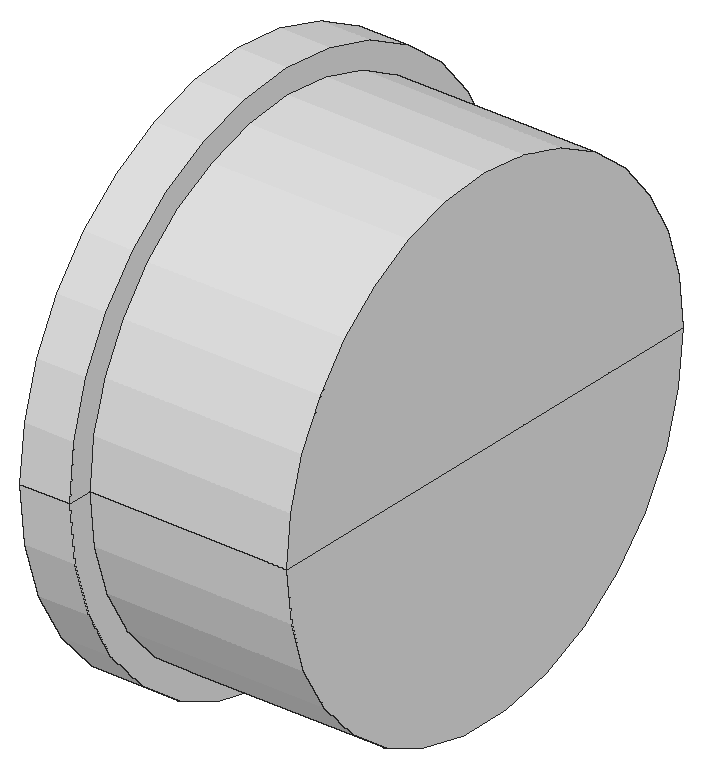
Revit family "EP-Система_Фитинг_НПВХ_Заглушка", category Соединительные детали трубопроводов, Revit 2019
Family settings
  Размер круглого соединителя = Использовать диаметр
  Тип детали = Заглушка
  На основе рабочей плоскости = Нет
  Всегда вертикально = Да
  При загрузке вырезать с полостями = Нет
  Общий = Нет
Parameters (values of type "EP-Система")
  Типовой = no
  Размер засечки [instance] = 22.5 mm
  Поиск в таблице имен 2 = "EP-Система_Фитинг_НПВХ_Заглушка"
  Поиск в таблице имен = "EP-Система_Фитинг_НПВХ_Заглушка"
  Description = ""
  Материал = 05 Пластик ПВХ Белый
  Assembly Code = ""
  Manufacturer = ""
  Диаметр Наружный [instance] = size_lookup(Поиск в таблице имен, "D1", ADSK_Диаметр условный * 1.1, ADSK_Диаметр условный)  # 55 mm
  URL = ""
  S [instance] = size_lookup(Поиск в таблице имен, "S", ADSK_Диаметр условный * 1.1, ADSK_Диаметр условный)  # 3 mm
  L [instance] = size_lookup(Поиск в таблице имен, "L1", ADSK_Диаметр условный / 2, ADSK_Диаметр условный)  # 20 mm
  ADSK_Наименование краткое = "Загл."  # constant formula
  ADSK_Наименование [instance] = size_lookup(Поиск в таблице имен, "ADSK_Наименование", "Решение не найдено", ADSK_Диаметр условный)  # "Заглушка, DN50"
  ADSK_Масса_Текст [instance] = ""
  ADSK_Масса [instance] = 0
  ADSK_Марка = ""
  ADSK_Код изделия [instance] = size_lookup(Поиск в таблице имен 2, "ADSK_Код изделия", "Решение не найдено", ADSK_Диаметр условный)  # "ЕР401405030"
  ADSK_Завод-изготовитель = "Agpipe"  # constant formula
  ADSK_Единица измерения = "шт."  # constant formula
  ADSK_Диаметр условный [instance] = 50 mm
Reference planes
  plane 1 "По центру (Вперед/Назад)": y = 0
  plane 2: z = 0
  plane 3 "По центру (Влево/Вправо)": x = 0
  plane 4: y = 25
  plane 5: y = -25
  plane 6: y = 27.5
  plane 7: y = -27.5
  plane 8: x = -20
  plane 9: x = -25
Forms (mm)
  Revolve 1, solid, material "05 Пластик ПВХ Белый" <- "Материал", detail levels fine
    sketch origin (-42, 0, 0) x (1, 0, 0) y (0, 1, 0)
      loop
        line (17, 27.5) -> (17, 0) -> (42, 0) -> (42, 25) -> (22, 25) -> (22, 27.5) -> (17, 27.5)
      axis (42, 0) -> (17, 0)
    angle from 0 to 360
Lines and regions (mm)
  model lines, detail levels coarse+medium
    curve 1: arc (-20, 25, 0) -> (5, 0, 0) -> (-20, -25, 0) r 25
    curve 2: line (-25, 25, 0) -> (-25, -25, 0)
    curve 3: line (-25, 0, 0) -> (0, 0, 0)
Dimensions and locks
  equal spacing: plane 4, plane 1 "По центру (Вперед/Назад)", plane 5
  "ADSK_Диаметр условный": plane 4 to plane 5
  equal spacing: plane 6, plane 1 "По центру (Вперед/Назад)", plane 7
  "Диаметр Наружный": plane 6 to plane 7
  "L": plane 8 to plane 3 "По центру (Влево/Вправо)"
  plane 9 to plane 8 = 5 mm
  aligned and locked: level to plane 2
  aligned and locked: Revolve 1 sketch curve to plane 6
  aligned and locked: Revolve 1 sketch curve to plane 4
  aligned and locked: Revolve 1 sketch curve to plane 1 "По центру (Вперед/Назад)"
  aligned and locked: plane 4 to curve 1
  aligned and locked: plane 4 to curve 2
  aligned and locked: plane 5 to curve 2
  aligned and locked: plane 1 "По центру (Вперед/Назад)" to curve 3
  aligned and locked: Revolve 1 to plane 3 "По центру (Влево/Вправо)"
  aligned and locked: Revolve 1 to plane 8
  aligned and locked: Revolve 1 to plane 9
  aligned and locked: plane 3 "По центру (Влево/Вправо)" to curve 3
  aligned and locked: curve 2 to plane 9
  aligned and locked: plane 8 to curve 1
Automatic sketch dimensions
  Revolve 1 sketch curve to plane 1 "По центру (Вперед/Назад)" = 0 mm
  Revolve 1 sketch curve to Revolve 1 sketch curve = 2054 mm
  curve 1 to plane 5 = 0 mm
  Revolve 1 sketch curve to plane 3 "По центру (Влево/Вправо)" = 0 mm
  plane 8 to Revolve 1 sketch curve = 1891 mm
  Revolve 1 sketch curve to plane 8 = 0 mm
  Revolve 1 sketch curve to Revolve 1 sketch curve = 5 mm
Connectors
  piping at (-20, 0, 0), diameter 50, driven by "ADSK_Диаметр условный"
    settings: on Revolve 1, index 1, connector inside diameter 609.6 mm, connector length 0 mm, flow factor 0, pipe flow 0.0 L/s, pressure drop 0.0 Pa, fitting loss kfactor 0, connector angle 0.00°, fixture units 0, engagement length 0 mm, angle of deflection 0.00°, flow configuration 0, flow direction 0, fitting loss method 0, system type 28, joint type 0, gender type 0, connector reference index -1, connector utility 0, adjustable connector no, is connector primary yes, connector description ""
